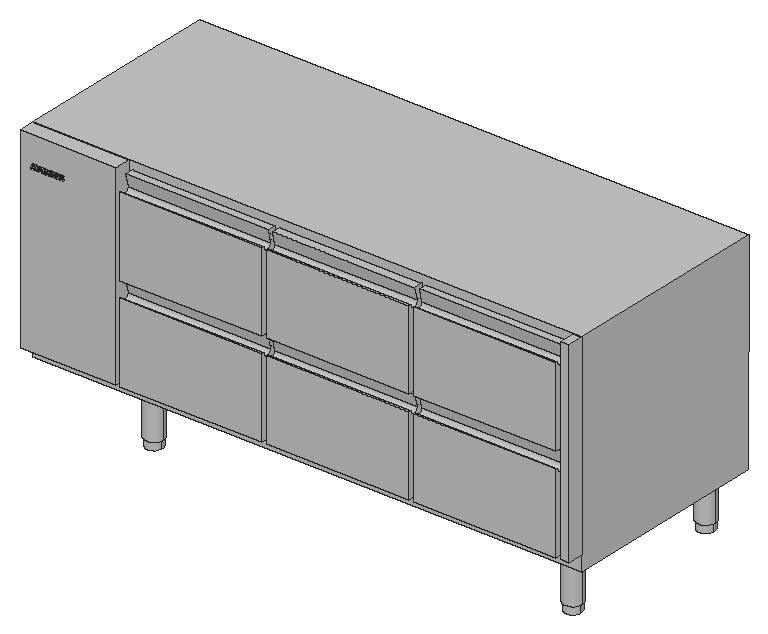
Revit family "QF_ALPENINOX_721150_AA3R7BBB", category Attrezzature speciali, Revit 2018
Family settings
  Quota connettore circolare = Usa diametro
  Tipo di parte = Normale
  Basato su piano di lavoro = No
  Sempre verticale = Sì
  Taglio con vuoti quando caricato = No
  Condiviso = No
  Punto di calcolo locali = No
Parameters (values of type "Standard")
  Weight = 116.00 kg
  Watts = 220 W
  Volts = 220 V
  URL Manufacturer = "http://www.alpeninox.com"
  URL = "http://www.alpeninox.com"
  Steam Supply Size = 0 mm
  Steam Supply Minimum Pressure = 0.0 Pa
  Steam Supply Maximum Pressure = 0.0 Pa
  Steam Consumption per Hour = 0
  Refrigeration Suction Line Size = 0 mm
  Refrigeration Liquid Line Size = 0 mm
  Refrigerant Compressor Remote = yes
  Produttore = "Alpeninox"
  Phase = 1
  Modello = "AA3R7BBB"
  Length Actual = 1695 mm  # constant formula
  Item Number = "721150"
  Hot Water Size = 0 mm
  Height Actual = 800 mm  # constant formula
  HP = "0.3 HP"
  Gas Size = 0 mm
  Gas KW = 0
  Gas Input Pressure = 0 W
  Direct Waste Size = 0 mm
  Descrizione = "6X1/2-DRAWER REFRIGERATED COUNTER, -2+10°C, FULL AISI 304 (R290), WITHOUT WORK TOP"
  Depth Actual = 700 mm  # constant formula
  Cycle = 50 Hz
  Condensate Return Size = 0 mm
  Compressed Air Volume = 0.0 L/s
  Compressed Air Size = 0 mm
  Compressed Air Pressure = 0.0 Pa
  Cold Water Size = 0 mm
  Accessory = yes
Values of the unnamed type that differ from the named types
  Weight = 0.00 kg
  Watts = 0 W
  Volts = 0 V
  URL Manufacturer = ""
  Item Number = ""
  HP = ""
  Cycle = 0 Hz
Reference planes
  plane 1: z = 0
  plane 2 "Center (Left/Right)": x = -126.5
  plane 3 "Center (Front/Back)": y = 64.5
  plane 4 "FEET": z = 150
  plane 5 "TOP": z = 850
  plane 6 "PLAIN": z = 800
  plane 7 "EI_back": y = 103
  plane 8 "EI_left": x = -913
  plane 9 "BACK": y = 412
  plane 10 "FRONT": y = -283
  plane 11 "DOOR": y = -233
  plane 12 "LEFT": x = -974
  plane 13 "RIGHT": x = 721
  plane 14: x = -949
  plane 15: x = 696
Forms (mm)
  Extrusion 1, solid, material "QF_Finishes_Stainless Steel"
    sketch origin (-1022.223, -1524, 150) x (-1, 0, 0) y (0, -1, 0)
      loop
        circle (-109.223, -1627) r 5
    from 0 to -40
  Extrusion 2, solid, material "QF_Finishes_Stainless Steel"
    sketch origin (-1022.223, -1524, 150) x (-1, 0, 0) y (0, -1, 0)
      loop
        line (-1718.223, -1291) -> (-1718.223, -1241) -> (-1743.223, -1241) -> (-1743.223, -1291) -> (-1718.223, -1291)
    from 48 to 650
  Extrusion 3, solid, material "QF_Finishes_Stainless Steel"
    sketch origin (-1022.223, -1524, 150) x (-1, 0, 0) y (0, -1, 0)
      loop
        line (-48.223, -1936) -> (-48.223, -1291) -> (-1743.223, -1291) -> (-1743.223, -1936) -> (-48.223, -1936)
    from 0 to 650
Lines and regions (mm)
  symbolic lines, style "SpecialityEquipmentHiddenLines"
    curve 1: line (-974, 412, 150) -> (721, 412, 150)
    curve 2: line (-974, -283, 150) -> (-974, 412, 150)
    curve 3: line (721, -283, 150) -> (-974, -283, 150)
    curve 4: line (721, 412, 150) -> (721, -283, 150)
    curve 5: line (-974, -233, 150) -> (721, -233, 150)
    curve 6: line (696, -283, 150) -> (696, -233, 150)
Dimensions and locks
  plane 4 "FEET" to level = 150 mm
  plane 11 "DOOR" to plane 10 "FRONT" = 50 mm
  plane 6 "PLAIN" to plane 4 "FEET" = 650 mm
  plane 5 "TOP" to plane 6 "PLAIN" = 50 mm
  plane 12 "LEFT" to plane 14 = 25 mm
  plane 15 to plane 13 "RIGHT" = 25 mm
  plane 9 "BACK" to plane 7 "EI_back" = 309 mm
  plane 12 "LEFT" to plane 8 "EI_left" = 61 mm
  plane 12 "LEFT" to plane 13 "RIGHT" = 1695 mm
  equal spacing: plane 12 "LEFT", plane 2 "Center (Left/Right)", plane 13 "RIGHT"
  plane 9 "BACK" to plane 10 "FRONT" = 695 mm
  equal spacing: plane 9 "BACK", plane 3 "Center (Front/Back)", plane 10 "FRONT"
  aligned and locked: level to plane 1
Automatic sketch dimensions
  Extrusion 1 sketch curve to plane 7 "EI_back" = 0 mm
  Extrusion 1 sketch curve to plane 8 "EI_left" = 0 mm
  Extrusion 2 sketch curve to plane 11 "DOOR" = 0 mm
  Extrusion 2 sketch curve to plane 13 "RIGHT" = 0 mm
  Extrusion 2 sketch curve to plane 10 "FRONT" = 0 mm
  Extrusion 2 sketch curve to plane 15 = 0 mm
  Extrusion 3 sketch curve to plane 9 "BACK" = 0 mm
  Extrusion 3 sketch curve to plane 13 "RIGHT" = 0 mm
  Extrusion 3 sketch curve to plane 11 "DOOR" = 0 mm
  Extrusion 3 sketch curve to plane 12 "LEFT" = 0 mm
  curve 1 to plane 13 "RIGHT" = 0 mm
  curve 6 to plane 10 "FRONT" = 0 mm
  curve 6 to plane 15 = 0 mm
  curve 5 to plane 12 "LEFT" = 0 mm
  curve 6 to plane 11 "DOOR" = 0 mm
  curve 1 to plane 9 "BACK" = 0 mm
  radius of Extrusion 1 sketch curve = 5 mm
Nested families
  nested 1: "HP_Refrigerator" at (721, -283, 0), type "HP_Refrigerator"
  nested 2: "HP_FEET" at (-640, 331, 0), type "HP_FEET"
  nested 3: "HP_FEET" at (655, 331, 0), type "HP_FEET"
  nested 4: "HP_FEET" at (-640, -183, 0), type "HP_FEET"
  nested 5: "HP_FEET" at (655, -183, 0), type "HP_FEET"
  nested 6: "HP_APX_BI_TN_L" at (-767.08, -233, 548) x (1, 0, 0) z (0, -1, 0), type "HP_APX_BI_TN_L"
    with Show Logo yes
  nested 7: "HP_APX_HALF" at (-446, -233, 458.08) x (1, 0, 0) z (0, -1, 0), type "HP_APX_HALF"
    with Show Clearance yes
  nested 8: "HP_APX_HALF" at (8, -233, 458.08) x (1, 0, 0) z (0, -1, 0), type "HP_APX_HALF"
    with Show Clearance yes
  nested 9: "HP_APX_HALF" at (462, -233, 458.08) x (1, 0, 0) z (0, -1, 0), type "HP_APX_HALF"
    with Show Clearance yes
Connectors
  electrical at (-913, 103, 110), driven by "Volts"
    settings: on Extrusion 1, index 1, voltage 220 V, apparent load 0 VA, apparent load phase1 0 VA, apparent load phase2 0 VA, apparent load phase3 0 VA, power factor 1, load classification "Other", number of poles 1, system type 31, power factor state 1, is connector primary yes, connector utility no, sub classification motor no, connector description "Electrical Connection"
Definition of nested family "HP_FEET"
  Parameters
    FEET = 150 mm
  Reference planes
    plane 1 "Center (Front/Back)": y = 0
    plane 2: z = 0
    plane 3 "Center (Left/Right)": x = 0
    plane 4: z = 150
  Forms (mm)
    Revolve 1, solid
      sketch origin (255.05, 0, 608.09) x (0, 0, 1) y (-1, 0, 0)
        loop
          line (-608.09, 255.05) -> (-608.09, 230.05) -> (-583.09, 230.05) -> (-583.09, 226.05) -> (-458.09, 226.05) -> (-458.09, 255.05) -> (-608.09, 255.05)
        axis (-608.09, 255.05) -> (-458.09, 255.05)
      angle from 0 to 360
  Dimensions and locks
    locked: Revolve 1 sketch curve to Revolve 1 sketch curve at 125
    "FEET": plane 4 to plane 2
    aligned and locked: level to plane 2
    aligned and locked: plane 4 to Revolve 1 sketch curve
    aligned and locked: Revolve 1 sketch curve to level
    aligned and locked: plane 3 "Center (Left/Right)" to Revolve 1 sketch curve
  Automatic sketch dimensions
    Revolve 1 sketch curve to plane 3 "Center (Left/Right)" = 0 mm
    Revolve 1 sketch curve to Revolve 1 sketch curve = 25 mm
    Revolve 1 sketch curve to Revolve 1 sketch curve = 29 mm
    plane 4 to Revolve 1 sketch curve = 50 mm
    Revolve 1 sketch curve to Revolve 1 sketch curve = 20 mm
Definition of nested family "HP_APX_BI_TN_L"
  Parameters
    Show Logo [instance] = yes
    Default Elevation = 1219.2 mm
  Reference planes
    plane 1 "Center (Front/Back)": y = -49
    plane 2: z = 0
    plane 3 "Center (Left/Right)": x = -59.92
    plane 4: x = -206.92
    plane 5: x = 87.08
    plane 6: y = 252
    plane 7: y = -350
  Forms (mm)
    Extrusion 1, solid
      sketch origin (0, 0, 0) x (1, 0, 0) y (0, 1, 0)
        loop
          line (-1219.2, 1219.2) -> (-1219.2, -1219.2) -> (1219.2, -1219.2) -> (1219.2, 1219.2) -> (-1219.2, 1219.2)
      from 0 to -304.8
    Extrusion 2, solid
      sketch origin (0, 0, 0) x (1, 0, 0) y (0, 1, 0)
        loop
          line (-206.92, 252) -> (-206.92, -350) -> (87.08, -350) -> (87.08, 252) -> (-206.92, 252)
      from 0 to 50
    Extrusion 3, solid
      sketch origin (0, 0, 0) x (1, 0, 0) y (0, 1, 0)
        loop
          line (-168.675, 170.349) -> (-172.411, 160.318)
          arc (-172.411, 160.318) -> (-171.624, 158.497) -> (-169.837, 159.36) r 1.374
          line (-169.837, 159.36) -> (-169.268, 161.111) -> (-164.1, 161.111) -> (-163.54, 159.379)
          arc (-163.54, 159.379) -> (-161.802, 158.542) -> (-161.049, 160.318) r 1.333
          line (-161.049, 160.318) -> (-164.694, 170.349)
          arc (-164.694, 170.349) -> (-166.685, 171.876) -> (-168.675, 170.349) r 2.06
        loop
          line (-166.681, 169.055) -> (-168.469, 163.655) -> (-164.935, 163.655) -> (-166.681, 169.055)
        loop
          arc (-159.705, 160.042) -> (-159.262, 158.973) -> (-158.194, 158.531) r 1.512
          line (-158.194, 158.531) -> (-153.608, 158.531)
          arc (-153.608, 158.531) -> (-152.337, 159.802) -> (-153.608, 161.074) r 1.272
          line (-153.608, 161.074) -> (-156.917, 161.074) -> (-156.917, 170.328)
          arc (-156.917, 170.328) -> (-158.311, 171.722) -> (-159.705, 170.328) r 1.394
          line (-159.705, 170.328) -> (-159.705, 160.042)
        loop
          line (-151.076, 170.218) -> (-151.076, 159.859)
          arc (-151.076, 159.859) -> (-149.683, 158.466) -> (-148.29, 159.859) r 1.393
          line (-148.29, 159.859) -> (-148.29, 162.882) -> (-146.225, 162.882)
          arc (-146.225, 162.882) -> (-142.999, 163.859) -> (-141.608, 166.928) r 4.082
          arc (-141.608, 166.928) -> (-142.993, 170.272) -> (-146.336, 171.657) r 4.728
          line (-146.336, 171.657) -> (-149.638, 171.657)
          arc (-149.638, 171.657) -> (-150.655, 171.235) -> (-151.076, 170.218) r 1.439
        loop
          line (-148.29, 165.313) -> (-146.388, 165.313)
          arc (-146.388, 165.313) -> (-144.433, 167.268) -> (-146.388, 169.222) r 1.955
          line (-146.388, 169.222) -> (-148.29, 169.222) -> (-148.29, 165.313)
        loop
          arc (-131.184, 166.332) -> (-132.004, 168.2) -> (-133.767, 169.228) r 3.3
          arc (-133.767, 169.228) -> (-136.353, 168.661) -> (-137.611, 166.332) r 3.176
          line (-137.611, 166.332) -> (-131.184, 166.332)
        loop
          line (-137.538, 163.743) -> (-130.544, 163.743)
          arc (-130.544, 163.743) -> (-129.292, 163.916) -> (-128.301, 164.701) r 2.4
          arc (-128.301, 164.701) -> (-128.155, 165.545) -> (-128.212, 166.399) r 3.635
          arc (-128.212, 166.399) -> (-130.364, 170.162) -> (-134.39, 171.769) r 6.579
          arc (-134.39, 171.769) -> (-138.918, 169.706) -> (-140.661, 165.044) r 6.501
          arc (-140.661, 165.044) -> (-139.276, 160.789) -> (-135.401, 158.549) r 6.252
          arc (-135.401, 158.549) -> (-132.922, 158.526) -> (-130.544, 159.232) r 8.361
          arc (-130.544, 159.232) -> (-129.466, 159.781) -> (-128.641, 160.666) r 3.486
          arc (-128.641, 160.666) -> (-128.419, 161.592) -> (-128.828, 162.451) r 1.425
          arc (-128.828, 162.451) -> (-129.368, 162.762) -> (-129.99, 162.762) r 1.203
          arc (-129.99, 162.762) -> (-130.406, 162.59) -> (-130.764, 162.316) r 1.724
          arc (-130.764, 162.316) -> (-131.666, 161.705) -> (-132.646, 161.229) r 7.6
          arc (-132.646, 161.229) -> (-135.676, 161.35) -> (-137.538, 163.743) r 3.6
        loop
          line (-126.669, 170.328) -> (-126.669, 159.859)
          arc (-126.669, 159.859) -> (-125.273, 158.463) -> (-123.878, 159.859) r 1.396
          line (-123.878, 159.859) -> (-123.878, 166.785) -> (-117.946, 159.029)
          arc (-117.946, 159.029) -> (-116.361, 158.51) -> (-115.379, 159.859) r 1.417
          line (-115.379, 159.859) -> (-115.379, 170.328)
          arc (-115.379, 170.328) -> (-116.774, 171.723) -> (-118.169, 170.328) r 1.395
          line (-118.169, 170.328) -> (-118.169, 163.311) -> (-124.101, 171.157)
          arc (-124.101, 171.157) -> (-125.687, 171.678) -> (-126.669, 170.328) r 1.418
        loop
          arc (-113.636, 159.859) -> (-112.241, 158.464) -> (-110.847, 159.859) r 1.394
          line (-110.847, 159.859) -> (-110.847, 170.328)
          arc (-110.847, 170.328) -> (-112.241, 171.723) -> (-113.636, 170.328) r 1.394
          line (-113.636, 170.328) -> (-113.636, 159.859)
        loop
          line (-109.102, 170.328) -> (-109.102, 159.859)
          arc (-109.102, 159.859) -> (-107.706, 158.463) -> (-106.31, 159.859) r 1.396
          line (-106.31, 159.859) -> (-106.31, 166.785) -> (-100.378, 159.029)
          arc (-100.378, 159.029) -> (-98.793, 158.51) -> (-97.812, 159.859) r 1.417
          line (-97.812, 159.859) -> (-97.812, 170.328)
          arc (-97.812, 170.328) -> (-99.207, 171.723) -> (-100.602, 170.328) r 1.395
          line (-100.602, 170.328) -> (-100.602, 163.311) -> (-106.533, 171.157)
          arc (-106.533, 171.157) -> (-108.119, 171.678) -> (-109.102, 170.328) r 1.418
        loop
          arc (-96.345, 165.093) -> (-95.619, 161.877) -> (-93.467, 159.379) r 6.806
          arc (-93.467, 159.379) -> (-91.792, 158.566) -> (-89.948, 158.31) r 5.956
          arc (-89.948, 158.31) -> (-88.104, 158.566) -> (-86.43, 159.379) r 5.956
          arc (-86.43, 159.379) -> (-84.277, 161.877) -> (-83.551, 165.093) r 6.806
          arc (-83.551, 165.093) -> (-84.277, 168.31) -> (-86.43, 170.808) r 6.806
          arc (-86.43, 170.808) -> (-88.104, 171.621) -> (-89.948, 171.877) r 5.956
          arc (-89.948, 171.877) -> (-91.792, 171.621) -> (-93.467, 170.808) r 5.956
          arc (-93.467, 170.808) -> (-95.619, 168.31) -> (-96.345, 165.093) r 6.806
        loop
          arc (-93.425, 165.093) -> (-93.138, 163.212) -> (-92.081, 161.629) r 4.387
          arc (-92.081, 161.629) -> (-91.087, 161.049) -> (-89.948, 160.881) r 3.035
          arc (-89.948, 160.881) -> (-88.809, 161.049) -> (-87.815, 161.629) r 3.035
          arc (-87.815, 161.629) -> (-86.759, 163.212) -> (-86.472, 165.093) r 4.387
          arc (-86.472, 165.093) -> (-86.759, 166.975) -> (-87.815, 168.558) r 4.387
          arc (-87.815, 168.558) -> (-88.809, 169.138) -> (-89.948, 169.306) r 3.035
          arc (-89.948, 169.306) -> (-91.087, 169.138) -> (-92.081, 168.558) r 3.035
          arc (-92.081, 168.558) -> (-93.138, 166.975) -> (-93.425, 165.093) r 4.387
        loop
          line (-83.139, 169.609) -> (-80.126, 165.552) -> (-83.81, 160.652)
          arc (-83.81, 160.652) -> (-83.512, 158.692) -> (-81.559, 159.029) r 1.388
          line (-81.559, 159.029) -> (-78.51, 163.232) -> (-75.461, 159.029)
          arc (-75.461, 159.029) -> (-73.507, 158.692) -> (-73.21, 160.652) r 1.388
          line (-73.21, 160.652) -> (-76.894, 165.552) -> (-73.881, 169.609)
          arc (-73.881, 169.609) -> (-74.249, 171.597) -> (-76.205, 171.084) r 1.38
          line (-76.205, 171.084) -> (-78.51, 167.841) -> (-80.815, 171.084)
          arc (-80.815, 171.084) -> (-82.771, 171.597) -> (-83.139, 169.609) r 1.38
      from 50 to 51.6
    Extrusion 4, solid, not visible
      sketch origin (0, 0, 0) x (1, 0, 0) y (0, 1, 0)
        loop
          line (-206.92, 252) -> (-206.92, -400) -> (87.08, -400) -> (87.08, 252) -> (-206.92, 252)
      from 0 to 50
  Lines and regions (mm)
    Split face 1
      outline origin (0, 0, 50) x (1, 0, 0) y (0, 1, 0)
        loop
          line (87.08, 183) -> (-172.92, 183)
          arc (-172.92, 183) -> (-190.42, 165.5) -> (-172.92, 148) r 17.5
          line (-172.92, 148) -> (87.08, 148)
    Split face 2
      outline origin (-38, 0, 50) x (1, 0, 0) y (0, 1, 0)
        loop
          line (-5.42, 177) -> (-5.42, 154) -> (64.58, 154) -> (64.58, 177) -> (-5.42, 177)
    Split face 3
      outline origin (-38, 0, 50) x (1, 0, 0) y (0, 1, 0)
        loop
          line (44.58, 174) -> (44.58, 157) -> (61.58, 157) -> (61.58, 174) -> (44.58, 174)
    Split face 4
      outline origin (0, 0, 50) x (1, 0, 0) y (0, 1, 0)
        loop
          line (-206.92, 188) -> (87.08, 188)
    Split face 5
      outline origin (0, 0, 50) x (1, 0, 0) y (0, 1, 0)
        loop
          arc (-163.464, 131.824) -> (-167.464, 127.824) -> (-163.464, 123.824) r 4
          line (-163.464, 123.824) -> (-121.464, 123.824)
          arc (-121.464, 123.824) -> (-117.464, 127.824) -> (-121.464, 131.824) r 4
          line (-121.464, 131.824) -> (-163.464, 131.824)
    Split face 6
      outline origin (330, 0, 50) x (1, 0, 0) y (0, 1, 0)
        loop
          arc (-328.464, 131.824) -> (-332.464, 127.824) -> (-328.464, 123.824) r 4
          line (-328.464, 123.824) -> (-286.464, 123.824)
          arc (-286.464, 123.824) -> (-282.464, 127.824) -> (-286.464, 131.824) r 4
          line (-286.464, 131.824) -> (-328.464, 131.824)
    Split face 7
      outline origin (110, 0, 50) x (1, 0, 0) y (0, 1, 0)
        loop
          arc (-218.464, 131.824) -> (-222.464, 127.824) -> (-218.464, 123.824) r 4
          line (-218.464, 123.824) -> (-176.464, 123.824)
          arc (-176.464, 123.824) -> (-172.464, 127.824) -> (-176.464, 131.824) r 4
          line (-176.464, 131.824) -> (-218.464, 131.824)
    Split face 8
      outline origin (220, 0, 50) x (1, 0, 0) y (0, 1, 0)
        loop
          arc (-273.464, 131.824) -> (-277.464, 127.824) -> (-273.464, 123.824) r 4
          line (-273.464, 123.824) -> (-231.464, 123.824)
          arc (-231.464, 123.824) -> (-227.464, 127.824) -> (-231.464, 131.824) r 4
          line (-231.464, 131.824) -> (-273.464, 131.824)
    Split face 9, not visible
      outline origin (0, 0, 50) x (1, 0, 0) y (0, 1, 0)
        loop
          arc (-163.464, 131.824) -> (-167.464, 127.824) -> (-163.464, 123.824) r 4
          line (-163.464, 123.824) -> (-121.464, 123.824)
          arc (-121.464, 123.824) -> (-117.464, 127.824) -> (-121.464, 131.824) r 4
          line (-121.464, 131.824) -> (-163.464, 131.824)
    Split face 10
      outline origin (0, -24, 50) x (1, 0, 0) y (0, 1, 0)
        loop
          arc (-163.464, 143.824) -> (-167.464, 139.824) -> (-163.464, 135.824) r 4
          line (-163.464, 135.824) -> (-121.464, 135.824)
          arc (-121.464, 135.824) -> (-117.464, 139.824) -> (-121.464, 143.824) r 4
          line (-121.464, 143.824) -> (-163.464, 143.824)
    Split face 11
      outline origin (330, -24, 50) x (1, 0, 0) y (0, 1, 0)
        loop
          arc (-328.464, 143.824) -> (-332.464, 139.824) -> (-328.464, 135.824) r 4
          line (-328.464, 135.824) -> (-286.464, 135.824)
          arc (-286.464, 135.824) -> (-282.464, 139.824) -> (-286.464, 143.824) r 4
          line (-286.464, 143.824) -> (-328.464, 143.824)
    Split face 12
      outline origin (110, -24, 50) x (1, 0, 0) y (0, 1, 0)
        loop
          arc (-218.464, 143.824) -> (-222.464, 139.824) -> (-218.464, 135.824) r 4
          line (-218.464, 135.824) -> (-176.464, 135.824)
          arc (-176.464, 135.824) -> (-172.464, 139.824) -> (-176.464, 143.824) r 4
          line (-176.464, 143.824) -> (-218.464, 143.824)
    Split face 13
      outline origin (220, -24, 50) x (1, 0, 0) y (0, 1, 0)
        loop
          arc (-273.464, 143.824) -> (-277.464, 139.824) -> (-273.464, 135.824) r 4
          line (-273.464, 135.824) -> (-231.464, 135.824)
          arc (-231.464, 135.824) -> (-227.464, 139.824) -> (-231.464, 143.824) r 4
          line (-231.464, 143.824) -> (-273.464, 143.824)
    Split face 14
      outline origin (0, -48, 50) x (1, 0, 0) y (0, 1, 0)
        loop
          arc (-163.464, 155.824) -> (-167.464, 151.824) -> (-163.464, 147.824) r 4
          line (-163.464, 147.824) -> (-121.464, 147.824)
          arc (-121.464, 147.824) -> (-117.464, 151.824) -> (-121.464, 155.824) r 4
          line (-121.464, 155.824) -> (-163.464, 155.824)
    Split face 15
      outline origin (330, -48, 50) x (1, 0, 0) y (0, 1, 0)
        loop
          arc (-328.464, 155.824) -> (-332.464, 151.824) -> (-328.464, 147.824) r 4
          line (-328.464, 147.824) -> (-286.464, 147.824)
          arc (-286.464, 147.824) -> (-282.464, 151.824) -> (-286.464, 155.824) r 4
          line (-286.464, 155.824) -> (-328.464, 155.824)
    Split face 16
      outline origin (110, -48, 50) x (1, 0, 0) y (0, 1, 0)
        loop
          arc (-218.464, 155.824) -> (-222.464, 151.824) -> (-218.464, 147.824) r 4
          line (-218.464, 147.824) -> (-176.464, 147.824)
          arc (-176.464, 147.824) -> (-172.464, 151.824) -> (-176.464, 155.824) r 4
          line (-176.464, 155.824) -> (-218.464, 155.824)
    Split face 17
      outline origin (220, -48, 50) x (1, 0, 0) y (0, 1, 0)
        loop
          arc (-273.464, 155.824) -> (-277.464, 151.824) -> (-273.464, 147.824) r 4
          line (-273.464, 147.824) -> (-231.464, 147.824)
          arc (-231.464, 147.824) -> (-227.464, 151.824) -> (-231.464, 155.824) r 4
          line (-231.464, 155.824) -> (-273.464, 155.824)
    Split face 18
      outline origin (0, -72, 50) x (1, 0, 0) y (0, 1, 0)
        loop
          arc (-163.464, 167.824) -> (-167.464, 163.824) -> (-163.464, 159.824) r 4
          line (-163.464, 159.824) -> (-121.464, 159.824)
          arc (-121.464, 159.824) -> (-117.464, 163.824) -> (-121.464, 167.824) r 4
          line (-121.464, 167.824) -> (-163.464, 167.824)
    Split face 19
      outline origin (330, -72, 50) x (1, 0, 0) y (0, 1, 0)
        loop
          arc (-328.464, 167.824) -> (-332.464, 163.824) -> (-328.464, 159.824) r 4
          line (-328.464, 159.824) -> (-286.464, 159.824)
          arc (-286.464, 159.824) -> (-282.464, 163.824) -> (-286.464, 167.824) r 4
          line (-286.464, 167.824) -> (-328.464, 167.824)
    Split face 20
      outline origin (110, -72, 50) x (1, 0, 0) y (0, 1, 0)
        loop
          arc (-218.464, 167.824) -> (-222.464, 163.824) -> (-218.464, 159.824) r 4
          line (-218.464, 159.824) -> (-176.464, 159.824)
          arc (-176.464, 159.824) -> (-172.464, 163.824) -> (-176.464, 167.824) r 4
          line (-176.464, 167.824) -> (-218.464, 167.824)
    Split face 21
      outline origin (220, -72, 50) x (1, 0, 0) y (0, 1, 0)
        loop
          arc (-273.464, 167.824) -> (-277.464, 163.824) -> (-273.464, 159.824) r 4
          line (-273.464, 159.824) -> (-231.464, 159.824)
          arc (-231.464, 159.824) -> (-227.464, 163.824) -> (-231.464, 167.824) r 4
          line (-231.464, 167.824) -> (-273.464, 167.824)
    Split face 22
      outline origin (0, -96, 50) x (1, 0, 0) y (0, 1, 0)
        loop
          arc (-163.464, 179.824) -> (-167.464, 175.824) -> (-163.464, 171.824) r 4
          line (-163.464, 171.824) -> (-121.464, 171.824)
          arc (-121.464, 171.824) -> (-117.464, 175.824) -> (-121.464, 179.824) r 4
          line (-121.464, 179.824) -> (-163.464, 179.824)
    Split face 23
      outline origin (330, -96, 50) x (1, 0, 0) y (0, 1, 0)
        loop
          arc (-328.464, 179.824) -> (-332.464, 175.824) -> (-328.464, 171.824) r 4
          line (-328.464, 171.824) -> (-286.464, 171.824)
          arc (-286.464, 171.824) -> (-282.464, 175.824) -> (-286.464, 179.824) r 4
          line (-286.464, 179.824) -> (-328.464, 179.824)
    Split face 24
      outline origin (110, -96, 50) x (1, 0, 0) y (0, 1, 0)
        loop
          arc (-218.464, 179.824) -> (-222.464, 175.824) -> (-218.464, 171.824) r 4
          line (-218.464, 171.824) -> (-176.464, 171.824)
          arc (-176.464, 171.824) -> (-172.464, 175.824) -> (-176.464, 179.824) r 4
          line (-176.464, 179.824) -> (-218.464, 179.824)
    Split face 25
      outline origin (220, -96, 50) x (1, 0, 0) y (0, 1, 0)
        loop
          arc (-273.464, 179.824) -> (-277.464, 175.824) -> (-273.464, 171.824) r 4
          line (-273.464, 171.824) -> (-231.464, 171.824)
          arc (-231.464, 171.824) -> (-227.464, 175.824) -> (-231.464, 179.824) r 4
          line (-231.464, 179.824) -> (-273.464, 179.824)
    Split face 26
      outline origin (0, -120, 50) x (1, 0, 0) y (0, 1, 0)
        loop
          arc (-163.464, 191.824) -> (-167.464, 187.824) -> (-163.464, 183.824) r 4
          line (-163.464, 183.824) -> (-121.464, 183.824)
          arc (-121.464, 183.824) -> (-117.464, 187.824) -> (-121.464, 191.824) r 4
          line (-121.464, 191.824) -> (-163.464, 191.824)
    Split face 27
      outline origin (330, -120, 50) x (1, 0, 0) y (0, 1, 0)
        loop
          arc (-328.464, 191.824) -> (-332.464, 187.824) -> (-328.464, 183.824) r 4
          line (-328.464, 183.824) -> (-286.464, 183.824)
          arc (-286.464, 183.824) -> (-282.464, 187.824) -> (-286.464, 191.824) r 4
          line (-286.464, 191.824) -> (-328.464, 191.824)
    Split face 28
      outline origin (110, -120, 50) x (1, 0, 0) y (0, 1, 0)
        loop
          arc (-218.464, 191.824) -> (-222.464, 187.824) -> (-218.464, 183.824) r 4
          line (-218.464, 183.824) -> (-176.464, 183.824)
          arc (-176.464, 183.824) -> (-172.464, 187.824) -> (-176.464, 191.824) r 4
          line (-176.464, 191.824) -> (-218.464, 191.824)
    Split face 29
      outline origin (220, -120, 50) x (1, 0, 0) y (0, 1, 0)
        loop
          arc (-273.464, 191.824) -> (-277.464, 187.824) -> (-273.464, 183.824) r 4
          line (-273.464, 183.824) -> (-231.464, 183.824)
          arc (-231.464, 183.824) -> (-227.464, 187.824) -> (-231.464, 191.824) r 4
          line (-231.464, 191.824) -> (-273.464, 191.824)
    Split face 30
      outline origin (0, -144, 50) x (1, 0, 0) y (0, 1, 0)
        loop
          arc (-163.464, 203.824) -> (-167.464, 199.824) -> (-163.464, 195.824) r 4
          line (-163.464, 195.824) -> (-121.464, 195.824)
          arc (-121.464, 195.824) -> (-117.464, 199.824) -> (-121.464, 203.824) r 4
          line (-121.464, 203.824) -> (-163.464, 203.824)
    Split face 31
      outline origin (330, -144, 50) x (1, 0, 0) y (0, 1, 0)
        loop
          arc (-328.464, 203.824) -> (-332.464, 199.824) -> (-328.464, 195.824) r 4
          line (-328.464, 195.824) -> (-286.464, 195.824)
          arc (-286.464, 195.824) -> (-282.464, 199.824) -> (-286.464, 203.824) r 4
          line (-286.464, 203.824) -> (-328.464, 203.824)
    Split face 32
      outline origin (110, -144, 50) x (1, 0, 0) y (0, 1, 0)
        loop
          arc (-218.464, 203.824) -> (-222.464, 199.824) -> (-218.464, 195.824) r 4
          line (-218.464, 195.824) -> (-176.464, 195.824)
          arc (-176.464, 195.824) -> (-172.464, 199.824) -> (-176.464, 203.824) r 4
          line (-176.464, 203.824) -> (-218.464, 203.824)
    Split face 33
      outline origin (220, -144, 50) x (1, 0, 0) y (0, 1, 0)
        loop
          arc (-273.464, 203.824) -> (-277.464, 199.824) -> (-273.464, 195.824) r 4
          line (-273.464, 195.824) -> (-231.464, 195.824)
          arc (-231.464, 195.824) -> (-227.464, 199.824) -> (-231.464, 203.824) r 4
          line (-231.464, 203.824) -> (-273.464, 203.824)
    Split face 34
      outline origin (0, -168, 50) x (1, 0, 0) y (0, 1, 0)
        loop
          arc (-163.464, 215.824) -> (-167.464, 211.824) -> (-163.464, 207.824) r 4
          line (-163.464, 207.824) -> (-121.464, 207.824)
          arc (-121.464, 207.824) -> (-117.464, 211.824) -> (-121.464, 215.824) r 4
          line (-121.464, 215.824) -> (-163.464, 215.824)
    Split face 35
      outline origin (330, -168, 50) x (1, 0, 0) y (0, 1, 0)
        loop
          arc (-328.464, 215.824) -> (-332.464, 211.824) -> (-328.464, 207.824) r 4
          line (-328.464, 207.824) -> (-286.464, 207.824)
          arc (-286.464, 207.824) -> (-282.464, 211.824) -> (-286.464, 215.824) r 4
          line (-286.464, 215.824) -> (-328.464, 215.824)
    Split face 36
      outline origin (110, -168, 50) x (1, 0, 0) y (0, 1, 0)
        loop
          arc (-218.464, 215.824) -> (-222.464, 211.824) -> (-218.464, 207.824) r 4
          line (-218.464, 207.824) -> (-176.464, 207.824)
          arc (-176.464, 207.824) -> (-172.464, 211.824) -> (-176.464, 215.824) r 4
          line (-176.464, 215.824) -> (-218.464, 215.824)
    Split face 37
      outline origin (220, -168, 50) x (1, 0, 0) y (0, 1, 0)
        loop
          arc (-273.464, 215.824) -> (-277.464, 211.824) -> (-273.464, 207.824) r 4
          line (-273.464, 207.824) -> (-231.464, 207.824)
          arc (-231.464, 207.824) -> (-227.464, 211.824) -> (-231.464, 215.824) r 4
          line (-231.464, 215.824) -> (-273.464, 215.824)
    Split face 38
      outline origin (0, -192, 50) x (1, 0, 0) y (0, 1, 0)
        loop
          arc (-163.464, 227.824) -> (-167.464, 223.824) -> (-163.464, 219.824) r 4
          line (-163.464, 219.824) -> (-121.464, 219.824)
          arc (-121.464, 219.824) -> (-117.464, 223.824) -> (-121.464, 227.824) r 4
          line (-121.464, 227.824) -> (-163.464, 227.824)
    Split face 39
      outline origin (330, -192, 50) x (1, 0, 0) y (0, 1, 0)
        loop
          arc (-328.464, 227.824) -> (-332.464, 223.824) -> (-328.464, 219.824) r 4
          line (-328.464, 219.824) -> (-286.464, 219.824)
          arc (-286.464, 219.824) -> (-282.464, 223.824) -> (-286.464, 227.824) r 4
          line (-286.464, 227.824) -> (-328.464, 227.824)
    Split face 40
      outline origin (110, -192, 50) x (1, 0, 0) y (0, 1, 0)
        loop
          arc (-218.464, 227.824) -> (-222.464, 223.824) -> (-218.464, 219.824) r 4
          line (-218.464, 219.824) -> (-176.464, 219.824)
          arc (-176.464, 219.824) -> (-172.464, 223.824) -> (-176.464, 227.824) r 4
          line (-176.464, 227.824) -> (-218.464, 227.824)
    Split face 41
      outline origin (220, -192, 50) x (1, 0, 0) y (0, 1, 0)
        loop
          arc (-273.464, 227.824) -> (-277.464, 223.824) -> (-273.464, 219.824) r 4
          line (-273.464, 219.824) -> (-231.464, 219.824)
          arc (-231.464, 219.824) -> (-227.464, 223.824) -> (-231.464, 227.824) r 4
          line (-231.464, 227.824) -> (-273.464, 227.824)
    Split face 42
      outline origin (0, -216, 50) x (1, 0, 0) y (0, 1, 0)
        loop
          arc (-163.464, 239.824) -> (-167.464, 235.824) -> (-163.464, 231.824) r 4
          line (-163.464, 231.824) -> (-121.464, 231.824)
          arc (-121.464, 231.824) -> (-117.464, 235.824) -> (-121.464, 239.824) r 4
          line (-121.464, 239.824) -> (-163.464, 239.824)
    Split face 43
      outline origin (330, -216, 50) x (1, 0, 0) y (0, 1, 0)
        loop
          arc (-328.464, 239.824) -> (-332.464, 235.824) -> (-328.464, 231.824) r 4
          line (-328.464, 231.824) -> (-286.464, 231.824)
          arc (-286.464, 231.824) -> (-282.464, 235.824) -> (-286.464, 239.824) r 4
          line (-286.464, 239.824) -> (-328.464, 239.824)
    Split face 44
      outline origin (110, -216, 50) x (1, 0, 0) y (0, 1, 0)
        loop
          arc (-218.464, 239.824) -> (-222.464, 235.824) -> (-218.464, 231.824) r 4
          line (-218.464, 231.824) -> (-176.464, 231.824)
          arc (-176.464, 231.824) -> (-172.464, 235.824) -> (-176.464, 239.824) r 4
          line (-176.464, 239.824) -> (-218.464, 239.824)
    Split face 45
      outline origin (220, -216, 50) x (1, 0, 0) y (0, 1, 0)
        loop
          arc (-273.464, 239.824) -> (-277.464, 235.824) -> (-273.464, 231.824) r 4
          line (-273.464, 231.824) -> (-231.464, 231.824)
          arc (-231.464, 231.824) -> (-227.464, 235.824) -> (-231.464, 239.824) r 4
          line (-231.464, 239.824) -> (-273.464, 239.824)
    Split face 46
      outline origin (0, -240, 50) x (1, 0, 0) y (0, 1, 0)
        loop
          arc (-163.464, 251.824) -> (-167.464, 247.824) -> (-163.464, 243.824) r 4
          line (-163.464, 243.824) -> (-121.464, 243.824)
          arc (-121.464, 243.824) -> (-117.464, 247.824) -> (-121.464, 251.824) r 4
          line (-121.464, 251.824) -> (-163.464, 251.824)
    Split face 47
      outline origin (330, -240, 50) x (1, 0, 0) y (0, 1, 0)
        loop
          arc (-328.464, 251.824) -> (-332.464, 247.824) -> (-328.464, 243.824) r 4
          line (-328.464, 243.824) -> (-286.464, 243.824)
          arc (-286.464, 243.824) -> (-282.464, 247.824) -> (-286.464, 251.824) r 4
          line (-286.464, 251.824) -> (-328.464, 251.824)
    Split face 48
      outline origin (110, -240, 50) x (1, 0, 0) y (0, 1, 0)
        loop
          arc (-218.464, 251.824) -> (-222.464, 247.824) -> (-218.464, 243.824) r 4
          line (-218.464, 243.824) -> (-176.464, 243.824)
          arc (-176.464, 243.824) -> (-172.464, 247.824) -> (-176.464, 251.824) r 4
          line (-176.464, 251.824) -> (-218.464, 251.824)
    Split face 49
      outline origin (220, -240, 50) x (1, 0, 0) y (0, 1, 0)
        loop
          arc (-273.464, 251.824) -> (-277.464, 247.824) -> (-273.464, 243.824) r 4
          line (-273.464, 243.824) -> (-231.464, 243.824)
          arc (-231.464, 243.824) -> (-227.464, 247.824) -> (-231.464, 251.824) r 4
          line (-231.464, 251.824) -> (-273.464, 251.824)
    Split face 50
      outline origin (0, -264, 50) x (1, 0, 0) y (0, 1, 0)
        loop
          arc (-163.464, 263.824) -> (-167.464, 259.824) -> (-163.464, 255.824) r 4
          line (-163.464, 255.824) -> (-121.464, 255.824)
          arc (-121.464, 255.824) -> (-117.464, 259.824) -> (-121.464, 263.824) r 4
          line (-121.464, 263.824) -> (-163.464, 263.824)
    Split face 51
      outline origin (330, -264, 50) x (1, 0, 0) y (0, 1, 0)
        loop
          arc (-328.464, 263.824) -> (-332.464, 259.824) -> (-328.464, 255.824) r 4
          line (-328.464, 255.824) -> (-286.464, 255.824)
          arc (-286.464, 255.824) -> (-282.464, 259.824) -> (-286.464, 263.824) r 4
          line (-286.464, 263.824) -> (-328.464, 263.824)
    Split face 52
      outline origin (110, -264, 50) x (1, 0, 0) y (0, 1, 0)
        loop
          arc (-218.464, 263.824) -> (-222.464, 259.824) -> (-218.464, 255.824) r 4
          line (-218.464, 255.824) -> (-176.464, 255.824)
          arc (-176.464, 255.824) -> (-172.464, 259.824) -> (-176.464, 263.824) r 4
          line (-176.464, 263.824) -> (-218.464, 263.824)
    Split face 53
      outline origin (220, -264, 50) x (1, 0, 0) y (0, 1, 0)
        loop
          arc (-273.464, 263.824) -> (-277.464, 259.824) -> (-273.464, 255.824) r 4
          line (-273.464, 255.824) -> (-231.464, 255.824)
          arc (-231.464, 255.824) -> (-227.464, 259.824) -> (-231.464, 263.824) r 4
          line (-231.464, 263.824) -> (-273.464, 263.824)
    Split face 54
      outline origin (0, -288, 50) x (1, 0, 0) y (0, 1, 0)
        loop
          arc (-163.464, 275.824) -> (-167.464, 271.824) -> (-163.464, 267.824) r 4
          line (-163.464, 267.824) -> (-121.464, 267.824)
          arc (-121.464, 267.824) -> (-117.464, 271.824) -> (-121.464, 275.824) r 4
          line (-121.464, 275.824) -> (-163.464, 275.824)
    Split face 55
      outline origin (330, -288, 50) x (1, 0, 0) y (0, 1, 0)
        loop
          arc (-328.464, 275.824) -> (-332.464, 271.824) -> (-328.464, 267.824) r 4
          line (-328.464, 267.824) -> (-286.464, 267.824)
          arc (-286.464, 267.824) -> (-282.464, 271.824) -> (-286.464, 275.824) r 4
          line (-286.464, 275.824) -> (-328.464, 275.824)
    Split face 56
      outline origin (110, -288, 50) x (1, 0, 0) y (0, 1, 0)
        loop
          arc (-218.464, 275.824) -> (-222.464, 271.824) -> (-218.464, 267.824) r 4
          line (-218.464, 267.824) -> (-176.464, 267.824)
          arc (-176.464, 267.824) -> (-172.464, 271.824) -> (-176.464, 275.824) r 4
          line (-176.464, 275.824) -> (-218.464, 275.824)
    Split face 57
      outline origin (220, -288, 50) x (1, 0, 0) y (0, 1, 0)
        loop
          arc (-273.464, 275.824) -> (-277.464, 271.824) -> (-273.464, 267.824) r 4
          line (-273.464, 267.824) -> (-231.464, 267.824)
          arc (-231.464, 267.824) -> (-227.464, 271.824) -> (-231.464, 275.824) r 4
          line (-231.464, 275.824) -> (-273.464, 275.824)
    Split face 58
      outline origin (0, -312, 50) x (1, 0, 0) y (0, 1, 0)
        loop
          arc (-163.464, 287.824) -> (-167.464, 283.824) -> (-163.464, 279.824) r 4
          line (-163.464, 279.824) -> (-121.464, 279.824)
          arc (-121.464, 279.824) -> (-117.464, 283.824) -> (-121.464, 287.824) r 4
          line (-121.464, 287.824) -> (-163.464, 287.824)
    Split face 59
      outline origin (330, -312, 50) x (1, 0, 0) y (0, 1, 0)
        loop
          arc (-328.464, 287.824) -> (-332.464, 283.824) -> (-328.464, 279.824) r 4
          line (-328.464, 279.824) -> (-286.464, 279.824)
          arc (-286.464, 279.824) -> (-282.464, 283.824) -> (-286.464, 287.824) r 4
          line (-286.464, 287.824) -> (-328.464, 287.824)
    Split face 60
      outline origin (110, -312, 50) x (1, 0, 0) y (0, 1, 0)
        loop
          arc (-218.464, 287.824) -> (-222.464, 283.824) -> (-218.464, 279.824) r 4
          line (-218.464, 279.824) -> (-176.464, 279.824)
          arc (-176.464, 279.824) -> (-172.464, 283.824) -> (-176.464, 287.824) r 4
          line (-176.464, 287.824) -> (-218.464, 287.824)
    Split face 61
      outline origin (220, -312, 50) x (1, 0, 0) y (0, 1, 0)
        loop
          arc (-273.464, 287.824) -> (-277.464, 283.824) -> (-273.464, 279.824) r 4
          line (-273.464, 279.824) -> (-231.464, 279.824)
          arc (-231.464, 279.824) -> (-227.464, 283.824) -> (-231.464, 287.824) r 4
          line (-231.464, 287.824) -> (-273.464, 287.824)
    Split face 62
      outline origin (0, -336, 50) x (1, 0, 0) y (0, 1, 0)
        loop
          arc (-163.464, 299.824) -> (-167.464, 295.824) -> (-163.464, 291.824) r 4
          line (-163.464, 291.824) -> (-121.464, 291.824)
          arc (-121.464, 291.824) -> (-117.464, 295.824) -> (-121.464, 299.824) r 4
          line (-121.464, 299.824) -> (-163.464, 299.824)
    Split face 63
      outline origin (330, -336, 50) x (1, 0, 0) y (0, 1, 0)
        loop
          arc (-328.464, 299.824) -> (-332.464, 295.824) -> (-328.464, 291.824) r 4
          line (-328.464, 291.824) -> (-286.464, 291.824)
          arc (-286.464, 291.824) -> (-282.464, 295.824) -> (-286.464, 299.824) r 4
          line (-286.464, 299.824) -> (-328.464, 299.824)
    Split face 64
      outline origin (110, -336, 50) x (1, 0, 0) y (0, 1, 0)
        loop
          arc (-218.464, 299.824) -> (-222.464, 295.824) -> (-218.464, 291.824) r 4
          line (-218.464, 291.824) -> (-176.464, 291.824)
          arc (-176.464, 291.824) -> (-172.464, 295.824) -> (-176.464, 299.824) r 4
          line (-176.464, 299.824) -> (-218.464, 299.824)
    Split face 65
      outline origin (220, -336, 50) x (1, 0, 0) y (0, 1, 0)
        loop
          arc (-273.464, 299.824) -> (-277.464, 295.824) -> (-273.464, 291.824) r 4
          line (-273.464, 291.824) -> (-231.464, 291.824)
          arc (-231.464, 291.824) -> (-227.464, 295.824) -> (-231.464, 299.824) r 4
          line (-231.464, 299.824) -> (-273.464, 299.824)
    Split face 66
      outline origin (0, -360, 50) x (1, 0, 0) y (0, 1, 0)
        loop
          arc (-163.464, 311.824) -> (-167.464, 307.824) -> (-163.464, 303.824) r 4
          line (-163.464, 303.824) -> (-121.464, 303.824)
          arc (-121.464, 303.824) -> (-117.464, 307.824) -> (-121.464, 311.824) r 4
          line (-121.464, 311.824) -> (-163.464, 311.824)
    Split face 67
      outline origin (330, -360, 50) x (1, 0, 0) y (0, 1, 0)
        loop
          arc (-328.464, 311.824) -> (-332.464, 307.824) -> (-328.464, 303.824) r 4
          line (-328.464, 303.824) -> (-286.464, 303.824)
          arc (-286.464, 303.824) -> (-282.464, 307.824) -> (-286.464, 311.824) r 4
          line (-286.464, 311.824) -> (-328.464, 311.824)
    Split face 68
      outline origin (110, -360, 50) x (1, 0, 0) y (0, 1, 0)
        loop
          arc (-218.464, 311.824) -> (-222.464, 307.824) -> (-218.464, 303.824) r 4
          line (-218.464, 303.824) -> (-176.464, 303.824)
          arc (-176.464, 303.824) -> (-172.464, 307.824) -> (-176.464, 311.824) r 4
          line (-176.464, 311.824) -> (-218.464, 311.824)
    Split face 69
      outline origin (220, -360, 50) x (1, 0, 0) y (0, 1, 0)
        loop
          arc (-273.464, 311.824) -> (-277.464, 307.824) -> (-273.464, 303.824) r 4
          line (-273.464, 303.824) -> (-231.464, 303.824)
          arc (-231.464, 303.824) -> (-227.464, 307.824) -> (-231.464, 311.824) r 4
          line (-231.464, 311.824) -> (-273.464, 311.824)
    Split face 70
      outline origin (0, 0, 50) x (1, 0, 0) y (0, 1, 0)
        loop
          line (-206.92, 143) -> (87.08, 143)
    Split face 71
      outline origin (0, -663.3, 50) x (1, 0, 0) y (0, 1, 0)
        loop
          arc (-163.464, 513.474) -> (-167.464, 509.474) -> (-163.464, 505.474) r 4
          line (-163.464, 505.474) -> (-121.464, 505.474)
          arc (-121.464, 505.474) -> (-117.464, 509.474) -> (-121.464, 513.474) r 4
          line (-121.464, 513.474) -> (-163.464, 513.474)
    Split face 72
      outline origin (330, -663.3, 50) x (1, 0, 0) y (0, 1, 0)
        loop
          arc (-328.464, 513.474) -> (-332.464, 509.474) -> (-328.464, 505.474) r 4
          line (-328.464, 505.474) -> (-286.464, 505.474)
          arc (-286.464, 505.474) -> (-282.464, 509.474) -> (-286.464, 513.474) r 4
          line (-286.464, 513.474) -> (-328.464, 513.474)
    Split face 73
      outline origin (110, -663.3, 50) x (1, 0, 0) y (0, 1, 0)
        loop
          arc (-218.464, 513.474) -> (-222.464, 509.474) -> (-218.464, 505.474) r 4
          line (-218.464, 505.474) -> (-176.464, 505.474)
          arc (-176.464, 505.474) -> (-172.464, 509.474) -> (-176.464, 513.474) r 4
          line (-176.464, 513.474) -> (-218.464, 513.474)
    Split face 74
      outline origin (220, -663.3, 50) x (1, 0, 0) y (0, 1, 0)
        loop
          arc (-273.464, 513.474) -> (-277.464, 509.474) -> (-273.464, 505.474) r 4
          line (-273.464, 505.474) -> (-231.464, 505.474)
          arc (-231.464, 505.474) -> (-227.464, 509.474) -> (-231.464, 513.474) r 4
          line (-231.464, 513.474) -> (-273.464, 513.474)
    Split face 75
      outline origin (0, -687.3, 50) x (1, 0, 0) y (0, 1, 0)
        loop
          arc (-163.464, 525.474) -> (-167.464, 521.474) -> (-163.464, 517.474) r 4
          line (-163.464, 517.474) -> (-121.464, 517.474)
          arc (-121.464, 517.474) -> (-117.464, 521.474) -> (-121.464, 525.474) r 4
          line (-121.464, 525.474) -> (-163.464, 525.474)
    Split face 76
      outline origin (330, -687.3, 50) x (1, 0, 0) y (0, 1, 0)
        loop
          arc (-328.464, 525.474) -> (-332.464, 521.474) -> (-328.464, 517.474) r 4
          line (-328.464, 517.474) -> (-286.464, 517.474)
          arc (-286.464, 517.474) -> (-282.464, 521.474) -> (-286.464, 525.474) r 4
          line (-286.464, 525.474) -> (-328.464, 525.474)
    Split face 77
      outline origin (110, -687.3, 50) x (1, 0, 0) y (0, 1, 0)
        loop
          arc (-218.464, 525.474) -> (-222.464, 521.474) -> (-218.464, 517.474) r 4
          line (-218.464, 517.474) -> (-176.464, 517.474)
          arc (-176.464, 517.474) -> (-172.464, 521.474) -> (-176.464, 525.474) r 4
          line (-176.464, 525.474) -> (-218.464, 525.474)
    Split face 78
      outline origin (220, -687.3, 50) x (1, 0, 0) y (0, 1, 0)
        loop
          arc (-273.464, 525.474) -> (-277.464, 521.474) -> (-273.464, 517.474) r 4
          line (-273.464, 517.474) -> (-231.464, 517.474)
          arc (-231.464, 517.474) -> (-227.464, 521.474) -> (-231.464, 525.474) r 4
          line (-231.464, 525.474) -> (-273.464, 525.474)
    Split face 79
      outline origin (0, -711.3, 50) x (1, 0, 0) y (0, 1, 0)
        loop
          arc (-163.464, 537.474) -> (-167.464, 533.474) -> (-163.464, 529.474) r 4
          line (-163.464, 529.474) -> (-121.464, 529.474)
          arc (-121.464, 529.474) -> (-117.464, 533.474) -> (-121.464, 537.474) r 4
          line (-121.464, 537.474) -> (-163.464, 537.474)
    Split face 80
      outline origin (330, -711.3, 50) x (1, 0, 0) y (0, 1, 0)
        loop
          arc (-328.464, 537.474) -> (-332.464, 533.474) -> (-328.464, 529.474) r 4
          line (-328.464, 529.474) -> (-286.464, 529.474)
          arc (-286.464, 529.474) -> (-282.464, 533.474) -> (-286.464, 537.474) r 4
          line (-286.464, 537.474) -> (-328.464, 537.474)
    Split face 81
      outline origin (110, -711.3, 50) x (1, 0, 0) y (0, 1, 0)
        loop
          arc (-218.464, 537.474) -> (-222.464, 533.474) -> (-218.464, 529.474) r 4
          line (-218.464, 529.474) -> (-176.464, 529.474)
          arc (-176.464, 529.474) -> (-172.464, 533.474) -> (-176.464, 537.474) r 4
          line (-176.464, 537.474) -> (-218.464, 537.474)
    Split face 82
      outline origin (220, -711.3, 50) x (1, 0, 0) y (0, 1, 0)
        loop
          arc (-273.464, 537.474) -> (-277.464, 533.474) -> (-273.464, 529.474) r 4
          line (-273.464, 529.474) -> (-231.464, 529.474)
          arc (-231.464, 529.474) -> (-227.464, 533.474) -> (-231.464, 537.474) r 4
          line (-231.464, 537.474) -> (-273.464, 537.474)
    Split face 83
      outline origin (0, -735.3, 50) x (1, 0, 0) y (0, 1, 0)
        loop
          arc (-163.464, 549.474) -> (-167.464, 545.474) -> (-163.464, 541.474) r 4
          line (-163.464, 541.474) -> (-121.464, 541.474)
          arc (-121.464, 541.474) -> (-117.464, 545.474) -> (-121.464, 549.474) r 4
          line (-121.464, 549.474) -> (-163.464, 549.474)
    Split face 84
      outline origin (330, -735.3, 50) x (1, 0, 0) y (0, 1, 0)
        loop
          arc (-328.464, 549.474) -> (-332.464, 545.474) -> (-328.464, 541.474) r 4
          line (-328.464, 541.474) -> (-286.464, 541.474)
          arc (-286.464, 541.474) -> (-282.464, 545.474) -> (-286.464, 549.474) r 4
          line (-286.464, 549.474) -> (-328.464, 549.474)
    Split face 85
      outline origin (110, -735.3, 50) x (1, 0, 0) y (0, 1, 0)
        loop
          arc (-218.464, 549.474) -> (-222.464, 545.474) -> (-218.464, 541.474) r 4
          line (-218.464, 541.474) -> (-176.464, 541.474)
          arc (-176.464, 541.474) -> (-172.464, 545.474) -> (-176.464, 549.474) r 4
          line (-176.464, 549.474) -> (-218.464, 549.474)
    Split face 86
      outline origin (220, -735.3, 50) x (1, 0, 0) y (0, 1, 0)
        loop
          arc (-273.464, 549.474) -> (-277.464, 545.474) -> (-273.464, 541.474) r 4
          line (-273.464, 541.474) -> (-231.464, 541.474)
          arc (-231.464, 541.474) -> (-227.464, 545.474) -> (-231.464, 549.474) r 4
          line (-231.464, 549.474) -> (-273.464, 549.474)
    Split face 87
      outline origin (0, -759.3, 50) x (1, 0, 0) y (0, 1, 0)
        loop
          arc (-163.464, 561.474) -> (-167.464, 557.474) -> (-163.464, 553.474) r 4
          line (-163.464, 553.474) -> (-121.464, 553.474)
          arc (-121.464, 553.474) -> (-117.464, 557.474) -> (-121.464, 561.474) r 4
          line (-121.464, 561.474) -> (-163.464, 561.474)
    Split face 88
      outline origin (330, -759.3, 50) x (1, 0, 0) y (0, 1, 0)
        loop
          arc (-328.464, 561.474) -> (-332.464, 557.474) -> (-328.464, 553.474) r 4
          line (-328.464, 553.474) -> (-286.464, 553.474)
          arc (-286.464, 553.474) -> (-282.464, 557.474) -> (-286.464, 561.474) r 4
          line (-286.464, 561.474) -> (-328.464, 561.474)
    Split face 89
      outline origin (110, -759.3, 50) x (1, 0, 0) y (0, 1, 0)
        loop
          arc (-218.464, 561.474) -> (-222.464, 557.474) -> (-218.464, 553.474) r 4
          line (-218.464, 553.474) -> (-176.464, 553.474)
          arc (-176.464, 553.474) -> (-172.464, 557.474) -> (-176.464, 561.474) r 4
          line (-176.464, 561.474) -> (-218.464, 561.474)
    Split face 90
      outline origin (220, -759.3, 50) x (1, 0, 0) y (0, 1, 0)
        loop
          arc (-273.464, 561.474) -> (-277.464, 557.474) -> (-273.464, 553.474) r 4
          line (-273.464, 553.474) -> (-231.464, 553.474)
          arc (-231.464, 553.474) -> (-227.464, 557.474) -> (-231.464, 561.474) r 4
          line (-231.464, 561.474) -> (-273.464, 561.474)
    Split face 91
      outline origin (0, -783.3, 50) x (1, 0, 0) y (0, 1, 0)
        loop
          arc (-163.464, 573.474) -> (-167.464, 569.474) -> (-163.464, 565.474) r 4
          line (-163.464, 565.474) -> (-121.464, 565.474)
          arc (-121.464, 565.474) -> (-117.464, 569.474) -> (-121.464, 573.474) r 4
          line (-121.464, 573.474) -> (-163.464, 573.474)
    Split face 92
      outline origin (330, -783.3, 50) x (1, 0, 0) y (0, 1, 0)
        loop
          arc (-328.464, 573.474) -> (-332.464, 569.474) -> (-328.464, 565.474) r 4
          line (-328.464, 565.474) -> (-286.464, 565.474)
          arc (-286.464, 565.474) -> (-282.464, 569.474) -> (-286.464, 573.474) r 4
          line (-286.464, 573.474) -> (-328.464, 573.474)
    Split face 93
      outline origin (110, -783.3, 50) x (1, 0, 0) y (0, 1, 0)
        loop
          arc (-218.464, 573.474) -> (-222.464, 569.474) -> (-218.464, 565.474) r 4
          line (-218.464, 565.474) -> (-176.464, 565.474)
          arc (-176.464, 565.474) -> (-172.464, 569.474) -> (-176.464, 573.474) r 4
          line (-176.464, 573.474) -> (-218.464, 573.474)
    Split face 94
      outline origin (220, -783.3, 50) x (1, 0, 0) y (0, 1, 0)
        loop
          arc (-273.464, 573.474) -> (-277.464, 569.474) -> (-273.464, 565.474) r 4
          line (-273.464, 565.474) -> (-231.464, 565.474)
          arc (-231.464, 565.474) -> (-227.464, 569.474) -> (-231.464, 573.474) r 4
          line (-231.464, 573.474) -> (-273.464, 573.474)
    Split face 95
      outline origin (0, -807.3, 50) x (1, 0, 0) y (0, 1, 0)
        loop
          arc (-163.464, 585.474) -> (-167.464, 581.474) -> (-163.464, 577.474) r 4
          line (-163.464, 577.474) -> (-121.464, 577.474)
          arc (-121.464, 577.474) -> (-117.464, 581.474) -> (-121.464, 585.474) r 4
          line (-121.464, 585.474) -> (-163.464, 585.474)
    Split face 96
      outline origin (330, -807.3, 50) x (1, 0, 0) y (0, 1, 0)
        loop
          arc (-328.464, 585.474) -> (-332.464, 581.474) -> (-328.464, 577.474) r 4
          line (-328.464, 577.474) -> (-286.464, 577.474)
          arc (-286.464, 577.474) -> (-282.464, 581.474) -> (-286.464, 585.474) r 4
          line (-286.464, 585.474) -> (-328.464, 585.474)
    Split face 97
      outline origin (110, -807.3, 50) x (1, 0, 0) y (0, 1, 0)
        loop
          arc (-218.464, 585.474) -> (-222.464, 581.474) -> (-218.464, 577.474) r 4
          line (-218.464, 577.474) -> (-176.464, 577.474)
          arc (-176.464, 577.474) -> (-172.464, 581.474) -> (-176.464, 585.474) r 4
          line (-176.464, 585.474) -> (-218.464, 585.474)
    Split face 98
      outline origin (220, -807.3, 50) x (1, 0, 0) y (0, 1, 0)
        loop
          arc (-273.464, 585.474) -> (-277.464, 581.474) -> (-273.464, 577.474) r 4
          line (-273.464, 577.474) -> (-231.464, 577.474)
          arc (-231.464, 577.474) -> (-227.464, 581.474) -> (-231.464, 585.474) r 4
          line (-231.464, 585.474) -> (-273.464, 585.474)
    Split face 99
      outline origin (0, -831.3, 50) x (1, 0, 0) y (0, 1, 0)
        loop
          arc (-163.464, 597.474) -> (-167.464, 593.474) -> (-163.464, 589.474) r 4
          line (-163.464, 589.474) -> (-121.464, 589.474)
          arc (-121.464, 589.474) -> (-117.464, 593.474) -> (-121.464, 597.474) r 4
          line (-121.464, 597.474) -> (-163.464, 597.474)
    Split face 100
      outline origin (330, -831.3, 50) x (1, 0, 0) y (0, 1, 0)
        loop
          arc (-328.464, 597.474) -> (-332.464, 593.474) -> (-328.464, 589.474) r 4
          line (-328.464, 589.474) -> (-286.464, 589.474)
          arc (-286.464, 589.474) -> (-282.464, 593.474) -> (-286.464, 597.474) r 4
          line (-286.464, 597.474) -> (-328.464, 597.474)
    Split face 101
      outline origin (110, -831.3, 50) x (1, 0, 0) y (0, 1, 0)
        loop
          arc (-218.464, 597.474) -> (-222.464, 593.474) -> (-218.464, 589.474) r 4
          line (-218.464, 589.474) -> (-176.464, 589.474)
          arc (-176.464, 589.474) -> (-172.464, 593.474) -> (-176.464, 597.474) r 4
          line (-176.464, 597.474) -> (-218.464, 597.474)
    Split face 102
      outline origin (220, -831.3, 50) x (1, 0, 0) y (0, 1, 0)
        loop
          arc (-273.464, 597.474) -> (-277.464, 593.474) -> (-273.464, 589.474) r 4
          line (-273.464, 589.474) -> (-231.464, 589.474)
          arc (-231.464, 589.474) -> (-227.464, 593.474) -> (-231.464, 597.474) r 4
          line (-231.464, 597.474) -> (-273.464, 597.474)
    Split face 103
      outline origin (0, -855.3, 50) x (1, 0, 0) y (0, 1, 0)
        loop
          arc (-163.464, 609.474) -> (-167.464, 605.474) -> (-163.464, 601.474) r 4
          line (-163.464, 601.474) -> (-121.464, 601.474)
          arc (-121.464, 601.474) -> (-117.464, 605.474) -> (-121.464, 609.474) r 4
          line (-121.464, 609.474) -> (-163.464, 609.474)
    Split face 104
      outline origin (330, -855.3, 50) x (1, 0, 0) y (0, 1, 0)
        loop
          arc (-328.464, 609.474) -> (-332.464, 605.474) -> (-328.464, 601.474) r 4
          line (-328.464, 601.474) -> (-286.464, 601.474)
          arc (-286.464, 601.474) -> (-282.464, 605.474) -> (-286.464, 609.474) r 4
          line (-286.464, 609.474) -> (-328.464, 609.474)
    Split face 105
      outline origin (110, -855.3, 50) x (1, 0, 0) y (0, 1, 0)
        loop
          arc (-218.464, 609.474) -> (-222.464, 605.474) -> (-218.464, 601.474) r 4
          line (-218.464, 601.474) -> (-176.464, 601.474)
          arc (-176.464, 601.474) -> (-172.464, 605.474) -> (-176.464, 609.474) r 4
          line (-176.464, 609.474) -> (-218.464, 609.474)
    Split face 106
      outline origin (220, -855.3, 50) x (1, 0, 0) y (0, 1, 0)
        loop
          arc (-273.464, 609.474) -> (-277.464, 605.474) -> (-273.464, 601.474) r 4
          line (-273.464, 601.474) -> (-231.464, 601.474)
          arc (-231.464, 601.474) -> (-227.464, 605.474) -> (-231.464, 609.474) r 4
          line (-231.464, 609.474) -> (-273.464, 609.474)
    Split face 107
      outline origin (0, -879.3, 50) x (1, 0, 0) y (0, 1, 0)
        loop
          arc (-163.464, 621.474) -> (-167.464, 617.474) -> (-163.464, 613.474) r 4
          line (-163.464, 613.474) -> (-121.464, 613.474)
          arc (-121.464, 613.474) -> (-117.464, 617.474) -> (-121.464, 621.474) r 4
          line (-121.464, 621.474) -> (-163.464, 621.474)
    Split face 108
      outline origin (330, -879.3, 50) x (1, 0, 0) y (0, 1, 0)
        loop
          arc (-328.464, 621.474) -> (-332.464, 617.474) -> (-328.464, 613.474) r 4
          line (-328.464, 613.474) -> (-286.464, 613.474)
          arc (-286.464, 613.474) -> (-282.464, 617.474) -> (-286.464, 621.474) r 4
          line (-286.464, 621.474) -> (-328.464, 621.474)
    Split face 109
      outline origin (110, -879.3, 50) x (1, 0, 0) y (0, 1, 0)
        loop
          arc (-218.464, 621.474) -> (-222.464, 617.474) -> (-218.464, 613.474) r 4
          line (-218.464, 613.474) -> (-176.464, 613.474)
          arc (-176.464, 613.474) -> (-172.464, 617.474) -> (-176.464, 621.474) r 4
          line (-176.464, 621.474) -> (-218.464, 621.474)
    Split face 110
      outline origin (220, -879.3, 50) x (1, 0, 0) y (0, 1, 0)
        loop
          arc (-273.464, 621.474) -> (-277.464, 617.474) -> (-273.464, 613.474) r 4
          line (-273.464, 613.474) -> (-231.464, 613.474)
          arc (-231.464, 613.474) -> (-227.464, 617.474) -> (-231.464, 621.474) r 4
          line (-231.464, 621.474) -> (-273.464, 621.474)
    Split face 111
      outline origin (0, -903.3, 50) x (1, 0, 0) y (0, 1, 0)
        loop
          arc (-163.464, 633.474) -> (-167.464, 629.474) -> (-163.464, 625.474) r 4
          line (-163.464, 625.474) -> (-121.464, 625.474)
          arc (-121.464, 625.474) -> (-117.464, 629.474) -> (-121.464, 633.474) r 4
          line (-121.464, 633.474) -> (-163.464, 633.474)
    Split face 112
      outline origin (330, -903.3, 50) x (1, 0, 0) y (0, 1, 0)
        loop
          arc (-328.464, 633.474) -> (-332.464, 629.474) -> (-328.464, 625.474) r 4
          line (-328.464, 625.474) -> (-286.464, 625.474)
          arc (-286.464, 625.474) -> (-282.464, 629.474) -> (-286.464, 633.474) r 4
          line (-286.464, 633.474) -> (-328.464, 633.474)
    Split face 113
      outline origin (110, -903.3, 50) x (1, 0, 0) y (0, 1, 0)
        loop
          arc (-218.464, 633.474) -> (-222.464, 629.474) -> (-218.464, 625.474) r 4
          line (-218.464, 625.474) -> (-176.464, 625.474)
          arc (-176.464, 625.474) -> (-172.464, 629.474) -> (-176.464, 633.474) r 4
          line (-176.464, 633.474) -> (-218.464, 633.474)
    Split face 114
      outline origin (220, -903.3, 50) x (1, 0, 0) y (0, 1, 0)
        loop
          arc (-273.464, 633.474) -> (-277.464, 629.474) -> (-273.464, 625.474) r 4
          line (-273.464, 625.474) -> (-231.464, 625.474)
          arc (-231.464, 625.474) -> (-227.464, 629.474) -> (-231.464, 633.474) r 4
          line (-231.464, 633.474) -> (-273.464, 633.474)
    Split face 115
      outline origin (0, -927.3, 50) x (1, 0, 0) y (0, 1, 0)
        loop
          arc (-163.464, 645.474) -> (-167.464, 641.474) -> (-163.464, 637.474) r 4
          line (-163.464, 637.474) -> (-121.464, 637.474)
          arc (-121.464, 637.474) -> (-117.464, 641.474) -> (-121.464, 645.474) r 4
          line (-121.464, 645.474) -> (-163.464, 645.474)
    Split face 116
      outline origin (330, -927.3, 50) x (1, 0, 0) y (0, 1, 0)
        loop
          arc (-328.464, 645.474) -> (-332.464, 641.474) -> (-328.464, 637.474) r 4
          line (-328.464, 637.474) -> (-286.464, 637.474)
          arc (-286.464, 637.474) -> (-282.464, 641.474) -> (-286.464, 645.474) r 4
          line (-286.464, 645.474) -> (-328.464, 645.474)
    Split face 117
      outline origin (110, -927.3, 50) x (1, 0, 0) y (0, 1, 0)
        loop
          arc (-218.464, 645.474) -> (-222.464, 641.474) -> (-218.464, 637.474) r 4
          line (-218.464, 637.474) -> (-176.464, 637.474)
          arc (-176.464, 637.474) -> (-172.464, 641.474) -> (-176.464, 645.474) r 4
          line (-176.464, 645.474) -> (-218.464, 645.474)
    Split face 118
      outline origin (220, -927.3, 50) x (1, 0, 0) y (0, 1, 0)
        loop
          arc (-273.464, 645.474) -> (-277.464, 641.474) -> (-273.464, 637.474) r 4
          line (-273.464, 637.474) -> (-231.464, 637.474)
          arc (-231.464, 637.474) -> (-227.464, 641.474) -> (-231.464, 645.474) r 4
          line (-231.464, 645.474) -> (-273.464, 645.474)
    Split face 119
      outline origin (0, -951.3, 50) x (1, 0, 0) y (0, 1, 0)
        loop
          arc (-163.464, 657.474) -> (-167.464, 653.474) -> (-163.464, 649.474) r 4
          line (-163.464, 649.474) -> (-121.464, 649.474)
          arc (-121.464, 649.474) -> (-117.464, 653.474) -> (-121.464, 657.474) r 4
          line (-121.464, 657.474) -> (-163.464, 657.474)
    Split face 120
      outline origin (330, -951.3, 50) x (1, 0, 0) y (0, 1, 0)
        loop
          arc (-328.464, 657.474) -> (-332.464, 653.474) -> (-328.464, 649.474) r 4
          line (-328.464, 649.474) -> (-286.464, 649.474)
